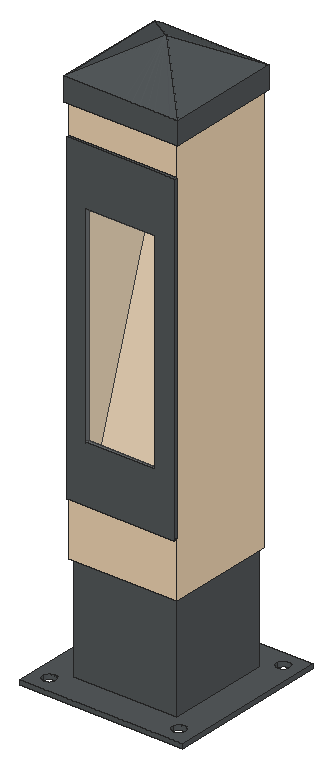
Revit family "Баум", category Осветительные приборы, Revit 2019 (continued)
Types (3, lengths in mm): name | Файл фотометрической сетки | built-in parameter 1150105 | Lumens | built-in parameter 1150106 | built-in parameter 1150142 | Wattage | h_столб низ | h_столб верх | ADSK_Фактическая мощность | ADSK_Размер_Высота | ADSK_Номинальная мощность | ADSK_Наименование | ADSK_Масса_Текст | ADSK_Масса | ADSK_Артикул
    .4 0.4 0.4\r\n 0.4 0.4 0.4 0.4 0.4 0.4 0.4 0.4 0.4 0.4 0.4 0.4 0.4 0.4 0.4 0.4 0.4 0.4 0.4 0.4 0.4 0.4 0.4 0.4 0.4 0.4 0.4 0.4 0.4 0.4 0.4 0.4\r\n 0.4 0.4 0.4 0.4 0.4 0.4 0.4 0.4 0.4 0.4 0.4 0.4 0.4 0.4 0.4 0.4 0.4 0.4 0.4 0.4 0.4 0.4 0.4 0.4 0.4 0.4 0.4 0.4 0.4 0.4 0.4 0.4\r\n 0.4 0.4 0.4 0.4 0.4 0.4 0.4 0.4 0.4 0.4 0.4 0.4 0.4 0.4 0.4 0.4 0.4 0.4 0.4 0.4 0.4 0.4 0.4 0.4 0.4 0.4 0.4 0.4 0.4 0.4 0.4 0.4\r\n 0.4 0.4 0.4 0.4 0.4 0.4 0.4 0.4 0.4 0.4 0.4 0.2 0.2 0.2 0.0 0.0 0.0 0.0 0.0 0.0 0.0\r\n0.0 0.0 0.2 0.2 0.2 0.2 0.2 0.2 0.4 0.4 0.4 0.4 0.4 0.4 0.4 0.4 0.4 0.4 0.4 0.4 0.4 0.4 0.4 0.4 0.4 0.4 0.4 0.4 0.4 0.4 0.4 0.4\r\n 0.4 0.4 0.4 0.4 0.4 0.4 0.4 0.4 0.6 0.6 0.4 0.4 0.4 0.4 0.4 0.4 0.4 0.4 0.4 0.4 0.4 0.4 0.4 0.4 0.4 0.4 0.4 0.4 0.4 0.4 0.4 0.4\r\n 0.4 0.4 0.4 0.4 0.4 0.4 0.4 0.4 0.4 0.4 0.4 0.4 0.4 0.4 0.4 0.4 0.4 0.4 0.4 0.4 0.4 0.4 0.4 0.4 0.4 0.4 0.4 0.4 0.4 0.4 0.4 0.4\r\n 0.4 0.4 0.4 0.4 0.4 0.4 0.4 0.4 0.4 0.4 0.4 0.4 0.4 0.4 0.4 0.4 0.4 0.4 0.4 0.4 0.4 0.4 0.4 0.4 0.4 0.4 0.4 0.4 0.4 0.4 0.4 0.4\r\n 0.4 0.4 0.4 0.4 0.4 0.4 0.4 0.4 0.4 0.4 0.4 0.4 0.4 0.4 0.4 0.4 0.4 0.4 0.4 0.4 0.4 0.4 0.4 0.4 0.4 0.4 0.4 0.4 0.4 0.4 0.4 0.4\r\n 0.4 0.4 0.4 0.4 0.4 0.4 0.4 0.4 0.4 0.4 0.4 0.2 0.2 0.2 0.0 0.0 0.0 0.0 0.0 0.0 0.0\r\n0.0 0.0 0.2 0.2 0.2 0.2 0.2 0.2 0.4 0.4 0.4 0.4 0.4 0.4 0.4 0.4 0.4 0.4 0.4 0.4 0.4 0.4 0.4 0.4 0.4 0.4 0.4 0.4 0.4 0.4 0.4 0.4\r\n 0.4 0.4 0.4 0.4 0.4 0.4 0.4 0.4 0.4 0.4 0.4 0.4 0.4 0.4 0.4 0.4 0.4 0.4 0.4 0.4 0.4 0.4 0.4 0.4 0.4 0.4 0.4 0.4 0.4 0.4 0.4 0.4\r\n 0.4 0.4 0.4 0.4 0.4 0.4 0.4 0.4 0.4 0.4 0.4 0.4 0.4 0.4 0.4 0.4 0.4 0.4 0.4 0.4 0.4 0.4 0.4 0.4 0.4 0.4 0.4 0.4 0.4 0.4 0.4 0.4\r\n 0.4 0.4 0.4 0.4 0.4 0.4 0.4 0.4 0.4 0.4 0.4 0.4 0.4 0.4 0.4 0.4 0.4 0.4 0.4 0.4 0.4 0.4 0.4 0.4 0.4 0.4 0.4 0.4 0.4 0.4 0.4 0.4\r\n 0.4 0.4 0.4 0.4 0.4 0.4 0.4 0.4 0.4 0.4 0.4 0.4 0.4 0.4 0.4 0.4 0.4 0.4 0.4 0.4 0.4 0.4 0.4 0.4 0.4 0.4 0.4 0.4 0.4 0.4 0.4 0.4\r\n 0.4 0.4 0.4 0.4 0.4 0.4 0.4 0.4 0.4 0.4 0.4 0.2 0.2 0.2 0.0 0.0 0.0 0.0 0.0 0.0 0.0\r\n0.0 0.0 0.2 0.2 0.2 0.2 0.2 0.2 0.4 0.4 0.4 0.4 0.4 0.4 0.4 0.4 0.4 0.4 0.4 0.4 0.4 0.4 0.4 0.4 0.4 0.4 0.4 0.4 0.4 0.4 0.4 0.4\r\n 0.4 0.4 0.4 0.4 0.4 0.4 0.4 0.4 0.4 0.4 0.4 0.4 0.4 0.4 0.4 0.4 0.4 0.4 0.4 0.4 0.4 0.4 0.4 0.4 0.4 0.4 0.4 0.4 0.4 0.4 0.4 0.4\r\n 0.4 0.4 0.4 0.4 0.4 0.4 0.4 0.4 0.4 0.4 0.4 0.4 0.4 0.4 0.4 0.4 0.4 0.4 0.4 0.4 0.4 0.4 0.4 0.4 0.4 0.4 0.4 0.4 0.4 0.4 0.4 0.4\r\n 0.4 0.4 0.4 0.4 0.4 0.4 0.4 0.4 0.4 0.4 0.4 0.4 0.4 0.4 0.4 0.4 0.4 0.4 0.4 0.4 0.4 0.4 0.4 0.4 0.4 0.4 0.4 0.4 0.4 0.4 0.4 0.4\r\n 0.4 0.4 0.4 0.4 0.4 0.4 0.4 0.4 0.4 0.4 0.4 0.4 0.4 0.4 0.4 0.4 0.4 0.4 0.4 0.4 0.4 0.4 0.4 0.4 0.4 0.4 0.4 0.4 0.4 0.4 0.4 0.4\r\n 0.4 0.4 0.4 0.4 0.4 0.4 0.4 0.4 0.4 0.4 0.4 0.2 0.2 0.2 0.0 0.0 0.0 0.0 0.0 0.0 0.0\r\n0.0 0.0 0.2 0.2 0.2 0.2 0.2 0.2 0.4 0.4 0.4 0.4 0.4 0.4 0.4 0.4 0.4 0.4 0.4 0.4 0.4 0.4 0.4 0.4 0.4 0.4 0.4 0.4 0.4 0.4 0.4 0.4\r\n 0.4 0.4 0.4 0.4 0.4 0.4 0.4 0.4 0.4 0.4 0.4 0.4 0.4 0.4 0.4 0.4 0.4 0.4 0.4 0.4 0.4 0.4 0.4 0.4 0.4 0.4 0.4 0.4 0.4 0.4 0.4 0.4\r\n 0.4 0.4 0.4 0.4 0.4 0.4 0.4 0.4 0.4 0.4 0.4 0.4 0.4 0.4 0.4 0.4 0.4 0.4 0.4 0.4 0.4 0.4 0.4 0.4 0.4 0.4 0.4 0.4 0.4 0.4 0.4 0.4\r\n 0.4 0.4 0.4 0.4 0.4 0.4 0.4 0.4 0.4 0.4 0.4 0.4 0.4 0.4 0.4 0.4 0.4 0.4 0.4 0.4 0.4 0.4 0.4 0.4 0.4 0.4 0.4 0.4 0.4 0.4 0.4 0.4\r\n 0.4 0.4 0.4 0.4 0.4 0.4 0.4 0.4 0.4 0.4 0.4 0.4 0.4 0.4 0.4 0.4 0.4 0.4 0.4 0.4 0.4 0.4 0.4 0.4 0.4 0.4 0.4 0.4 0.4 0.4 0.4 0.4\r\n 0.4 0.4 0.4 0.4 0.4 0.4 0.4 0.4 0.4 0.4 0.4 0.2 0.2 0.2 0.0 0.0 0.0 0.0 0.0 0.0 0.0\r\n0.0 0.0 0.2 0.2 0.2 0.2 0.2 0.2 0.4 0.4 0.4 0.4 0.4 0.4 0.4 0.4 0.4 0.4 0.4 0.4 0.4 0.4 0.4 0.4 0.4 0.4 0.4 0.4 0.4 0.4 0.4 0.4\r\n 0.4 0.4 0.4 0.4 0.4 0.4 0.4 0.4 0.4 0.4 0.4 0.4 0.4 0.4 0.4 0.4 0.4 0.4 0.4 0.4 0.4 0.4 0.4 0.4 0.4 0.4 0.4 0.4 0.4 0.4 0.4 0.4\r\n 0.4 0.4 0.4 0.4 0.4 0.4 0.4 0.4 0.4 0.4 0.4 0.4 0.4 0.4 0.4 0.4 0.4 0.4 0.4 0.4 0.4 0.4 0.4 0.4 0.4 0.4 0.4 0.4 0.4 0.4 0.4 0.4\r\n 0.4 0.4 0.4 0.4 0.4 0.4 0.4 0.4 0.4 0.4 0.4 0.4 0.4 0.4 0.4 0.4 0.4 0.4 0.4 0.4 0.4 0.4 0.4 0.4 0.4 0.4 0.4 0.4 0.4 0.4 0.4 0.4\r\n 0.4 0.4 0.4 0.4 0.4 0.4 0.4 0.4 0.4 0.4 0.4 0.4 0.4 0.4 0.4 0.4 0.4 0.4 0.4 0.4 0.4 0.4 0.4 0.4 0.4 0.4 0.4 0.4 0.4 0.4 0.4 0.4\r\n 0.4 0.4 0.4 0.4 0.4 0.4 0.4 0.4 0.4 0.4 0.4 0.2 0.2 0.2 0.0 0.0 0.0 0.0 0.0 0.0 0.0\r\n0.0 0.0 0.2 0.2 0.2 0.2 0.2 0.2 0.4 0.4 0.4 0.4 0.4 0.4 0.4 0.4 0.4 0.4 0.4 0.4 0.4 0.4 0.4 0.4 0.4 0.4 0.4 0.4 0.4 0.4 0.4 0.4\r\n 0.4 0.4 0.4 0.4 0.4 0.4 0.4 0.4 0.4 0.4 0.4 0.4 0.4 0.4 0.4 0.4 0.4 0.4 0.4 0.4 0.4 0.4 0.4 0.4 0.4 0.4 0.4 0.4 0.4 0.4 0.4 0.4\r\n 0.4 0.4 0.4 0.4 0.4 0.4 0.4 0.4 0.4 0.4 0.4 0.4 0.4 0.4 0.6 0.4 0.4 0.4 0.4 0.4 0.4 0.4 0.4 0.4 0.4 0.4 0.4 0.4 0.4 0.4 0.4 0.4\r\n 0.4 0.4 0.4 0.4 0.4 0.4 0.4 0.4 0.4 0.4 0.4 0.4 0.4 0.4 0.4 0.4 0.4 0.4 0.4 0.4 0.4 0.4 0.4 0.4 0.4 0.4 0.4 0.4 0.4 0.4 0.4 0.4\r\n 0.4 0.4 0.4 0.4 0.4 0.4 0.4 0.4 0.4 0.4 0.4 0.4 0.4 0.4 0.4 0.4 0.4 0.4 0.4 0.4 0.4 0.4 0.4 0.4 0.4 0.4 0.4 0.4 0.4 0.4 0.4 0.4\r\n 0.4 0.4 0.4 0.4 0.4 0.4 0.4 0.4 0.4 0.4 0.4 0.2 0.2 0.2 0.0 0.0 0.0 0.0 0.0 0.0 0.0\r\n0.0 0.0 0.2 0.2 0.2 0.2 0.2 0.2 0.4 0.4 0.4 0.4 0.4 0.4 0.4 0.4 0.4 0.4 0.4 0.4 0.4 0.4 0.4 0.4 0.4 0.4 0.4 0.4 0.4 0.4 0.4 0.4\r\n 0.4 0.4 0.4 0.4 0.4 0.4 0.4 0.4 0.4 0.4 0.4 0.4 0.4 0.4 0.4 0.4 0.4 0.4 0.4 0.4 0.4 0.4 0.4 0.4 0.4 0.4 0.4 0.4 0.4 0.4 0.4 0.4\r\n 0.4 0.4 0.4 0.4 0.4 0.4 0.4 0.4 0.4 0.4 0.4 0.4 0.4 0.4 0.4 0.4 0.4 0.4 0.4 0.4 0.4 0.4 0.4 0.4 0.4 0.4 0.4 0.4 0.4 0.4 0.4 0.4\r\n 0.4 0.4 0.4 0.4 0.4 0.4 0.4 0.4 0.4 0.4 0.4 0.4 0.4 0.4 0.4 0.4 0.4 0.4 0.4 0.4 0.4 0.4 0.4 0.4 0.4 0.4 0.4 0.4 0.4 0.4 0.4 0.4\r\n 0.4 0.4 0.4 0.4 0.4 0.4 0.4 0.4 0.4 0.4 0.4 0.4 0.4 0.4 0.4 0.4 0.4 0.4 0.4 0.4 0.4 0.4 0.4 0.4 0.4 0.4 0.4 0.4 0.4 0.4 0.4 0.4\r\n 0.4 0.4 0.4 0.4 0.4 0.4 0.4 0.4 0.4 0.4 0.4 0.2 0.2 0.2 0.0 0.0 0.0 0.0 0.0 0.0 0.0\r\n0.0 0.0 0.2 0.2 0.2 0.2 0.2 0.2 0.4 0.4 0.4 0.4 0.4 0.4 0.4 0.4 0.4 0.4 0.4 0.4 0.4 0.4 0.4 0.4 0.4 0.4 0.4 0.4 0.4 0.4 0.4 0.4\r\n 0.4 0.4 0.4 0.4 0.4 0.4 0.4 0.4 0.4 0.4 0.4 0.4 0.4 0.4 0.4 0.4 0.4 0.4 0.4 0.4 0.4 0.4 0.4 0.4 0.4 0.4 0.4 0.4 0.4 0.4 0.4 0.4\r\n 0.4 0.4 0.4 0.4 0.4 0.4 0.4 0.4 0.4 0.4 0.4 0.4 0.4 0.4 0.4 0.4 0.4 0.4 0.4 0.4 0.4 0.4 0.4 0.4 0.4 0.4 0.4 0.4 0.4 0.4 0.4 0.4\r\n 0.4 0.4 0.4 0.4 0.4 0.4 0.4 0.4 0.4 0.4 0.4 0.4 0.4 0.4 0.4 0.4 0.4 0.4 0.4 0.4 0.4 0.4 0.4 0.4 0.4 0.4 0.4 0.4 0.4 0.4 0.4 0.4\r\n 0.4 0.4 0.4 0.4 0.4 0.4 0.4 0.4 0.4 0.4 0.4 0.4 0.4 0.4 0.4 0.4 0.4 0.4 0.4 0.4 0.4 0.4 0.4 0.4 0.4 0.4 0.4 0.4 0.4 0.4 0.4 0.4\r\n 0.4 0.4 0.4 0.4 0.4 0.4 0.4 0.4 0.4 0.4 0.4 0.2 0.2 0.2 0.0 0.0 0.0 0.0 0.0 0.0 0.0\r\n0.0 0.0 0.2 0.2 0.2 0.2 0.2 0.2 0.4 0.4 0.4 0.4 0.4 0.4 0.4 0.4 0.4 0.4 0.4 0.4 0.4 0.4 0.4 0.4 0.4 0.4 0.4 0.4 0.4 0.4 0.4 0.4\r\n 0.4 0.4 0.4 0.4 0.4 0.4 0.4 0.4 0.4 0.4 0.4 0.4 0.4 0.4 0.4 0.4 0.4 0.4 0.4 0.4 0.4 0.4 0.4 0.4 0.4 0.4 0.4 0.4 0.4 0.4 0.4 0.4\r\n 0.4 0.4 0.4 0.4 0.4 0.4 0.4 0.4 0.4 0.4 0.4 0.4 0.4 0.4 0.4 0.4 0.4 0.4 0.4 0.4 0.4 0.4 0.4 0.4 0.4 0.4 0.4 0.4 0.4 0.4 0.4 0.4\r\n 0.4 0.4 0.4 0.4 0.4 0.4 0.4 0.4 0.4 0.4 0.4 0.4 0.4 0.4 0.4 0.4 0.4 0.4 0.4 0.4 0.4 0.4 0.4 0.4 0.4 0.4 0.4 0.4 0.4 0.4 0.4 0.4\r\n 0.4 0.4 0.4 0.4 0.4 0.4 0.4 0.4 0.4 0.4 0.4 0.4 0.4 0.4 0.4 0.4 0.4 0.4 0.4 0.4 0.4 0.4 0.4 0.4 0.4 0.4 0.4 0.4 0.4 0.4 0.4 0.4\r\n 0.4 0.4 0.4 0.4 0.4 0.4 0.4 0.4 0.4 0.4 0.4 0.2 0.2 0.2 0.0 0.0 0.0 0.0 0.0 0.0 0.0\r\n0.0 0.0 0.4 0.2 0.2 0.2 0.2 0.2 0.4 0.4 0.4 0.4 0.4 0.4 0.4 0.4 0.4 0.4 0.4 0.4 0.4 0.4 0.4 0.4 0.4 0.4 0.4 0.4 0.4 0.4 0.4 0.4\r\n 0.4 0.4 0.4 0.4 0.4 0.4 0.4 0.4 0.4 0.4 0.4 0.4 0.4 0.4 0.4 0.4 0.4 0.4 0.4 0.4 0.4 0.4 0.4 0.4 0.4 0.4 0.4 0.4 0.4 0.4 0.4 0.4\r\n 0.4 0.4 0.4 0.4 0.4 0.4 0.4 0.4 0.4 0.4 0.4 0.4 0.4 0.4 0.4 0.4 0.4 0.4 0.4 0.4 0.4 0.4 0.4 0.4 0.4 0.4 0.4 0.4 0.4 0.4 0.4 0.4\r\n 0.4 0.4 0.4 0.4 0.4 0.4 0.4 0.4 0.4 0.4 0.4 0.4 0.4 0.4 0.4 0.4 0.4 0.4 0.4 0.4 0.4 0.4 0.4 0.4 0.4 0.4 0.4 0.4 0.4 0.4 0.4 0.4\r\n 0.4 0.4 0.4 0.4 0.4 0.4 0.4 0.4 0.4 0.4 0.4 0.4 0.4 0.4 0.4 0.4 0.4 0.4 0.4 0.4 0.4 0.4 0.4 0.4 0.4 0.4 0.4 0.4 0.4 0.4 0.4 0.4\r\n 0.4 0.4 0.4 0.4 0.4 0.4 0.4 0.4 0.4 0.4 0.4 0.2 0.2 0.2 0.0 0.0 0.0 0.0 0.0 0.0 0.0\r\n0.0 0.0 0.4 0.2 0.2 0.2 0.2 0.2 0.4 0.4 0.4 0.4 0.4 0.4 0.4 0.4 0.4 0.4 0.4 0.4 0.4 0.4 0.4 0.4 0.4 0.4 0.4 0.4 0.4 0.4 0.4 0.4\r\n 0.4 0.4 0.4 0.4 0.4 0.4 0.4 0.4 0.4 0.4 0.4 0.4 0.4 0.4 0.4 0.4 0.4 0.4 0.4 0.4 0.4 0.4 0.4 0.4 0.4 0.4 0.4 0.4 0.4 0.4 0.4 0.4\r\n 0.4 0.6 0.6 0.6 0.6 0.6 0.6 0.6 0.6 0.4 0.4 0.4 0.4 0.4 0.4 0.4 0.4 0.4 0.4 0.4 0.4 0.4 0.4 0.4 0.4 0.4 0.4 0.4 0.4 0.4 0.4 0.4\r\n 0.4 0.4 0.4 0.4 0.4 0.4 0.4 0.4 0.4 0.4 0.4 0.4 0.4 0.4 0.4 0.4 0.4 0.4 0.4 0.4 0.4 0.4 0.4 0.4 0.4 0.4 0.4 0.4 0.4 0.4 0.4 0.4\r\n 0.4 0.4 0.4 0.4 0.4 0.4 0.4 0.4 0.4 0.4 0.4 0.4 0.4 0.4 0.4 0.4 0.4 0.4 0.4 0.4 0.4 0.4 0.4 0.4 0.4 0.4 0.4 0.4 0.4 0.4 0.4 0.4\r\n 0.4 0.4 0.4 0.4 0.4 0.4 0.4 0.4 0.4 0.4 0.4 0.2 0.2 0.2 0.0 0.0 0.0 0.0 0.0 0.0 0.0\r\n0.0 0.0 0.4 0.2 0.2 0.2 0.2 0.2 0.4 0.6 0.4 0.4 0.4 0.4 0.4 0.4 0.4 0.4 0.4 0.4 0.4 0.4 0.4 0.4 0.4 0.4 0.4 0.4 0.4 0.4 0.4 0.4\r\n 0.4 0.4 0.4 0.4 0.4 0.4 0.4 0.4 0.4 0.4 0.4 0.4 0.4 0.4 0.4 0.4 0.4 0.4 0.4 0.4 0.4 0.4 0.4 0.4 0.4 0.4 0.4 0.6 0.6 0.6 0.6 0.6\r\n 0.7 1.3 1.3 1.3 1.1 0.9 0.9 0.7 0.7 0.6 0.6 0.4 0.4 0.4 0.4 0.4 0.4 0.4 0.4 0.4 0.4 0.4 0.4 0.4 0.4 0.4 0.4 0.4 0.4 0.4 0.4 0.4\r\n 0.4 0.4 0.4 0.4 0.4 0.4 0.4 0.4 0.4 0.4 0.4 0.4 0.4 0.4 0.4 0.4 0.4 0.4 0.4 0.4 0.4 0.4 0.4 0.4 0.4 0.4 0.4 0.4 0.4 0.4 0.4 0.4\r\n 0.4 0.4 0.4 0.4 0.4 0.4 0.4 0.4 0.4 0.4 0.4 0.4 0.4 0.4 0.4 0.4 0.4 0.4 0.4 0.4 0.4 0.4 0.4 0.4 0.4 0.4 0.4 0.4 0.4 0.4 0.4 0.4\r\n 0.4 0.4 0.4 0.4 0.4 0.4 0.4 0.4 0.4 0.4 0.4 0.4 0.2 0.2 0.0 0.0 0.0 0.0 0.0 0.0 0.0\r\n0.0 0.0 0.4 0.2 0.4 0.2 0.2 0.2 0.4 0.6 0.4 0.4 0.4 0.4 0.4 0.4 0.4 0.4 0.4 0.4 0.4 0.4 0.4 0.4 0.4 0.4 0.4 0.4 0.4 0.4 0.4 0.4\r\n 0.4 0.4 0.4 0.4 0.4 0.4 0.6 1.6 2.2 2.2 1.8 1.6 1.5 1.3 1.1 0.9 0.7 0.7 0.7 0.7 0.7 0.7 0.9 1.1 0.9 0.9 1.1 1.5 1.6 1.8 2.2 1.8\r\n 1.3 1.8 2.4 2.6 2.2 1.8 1.5 1.3 1.1 0.9 0.7 0.7 0.6 0.6 0.6 0.4 0.4 0.4 0.4 0.4 0.4 0.4 0.4 0.4 0.4 0.4 0.4 0.4 0.4 0.4 0.4 0.4\r\n 0.4 0.4 0.4 0.4 0.4 0.4 0.4 0.4 0.4 0.4 0.4 0.4 0.4 0.4 0.4 0.4 0.4 0.4 0.4 0.4 0.4 0.4 0.4 0.4 0.4 0.4 0.4 0.4 0.4 0.4 0.4 0.4\r\n 0.4 0.4 0.4 0.4 0.4 0.4 0.4 0.4 0.4 0.4 0.4 0.4 0.4 0.4 0.4 0.4 0.4 0.4 0.4 0.4 0.4 0.4 0.4 0.4 0.4 0.4 0.4 0.4 0.4 0.4 0.4 0.4\r\n 0.4 0.4 0.4 0.4 0.4 0.4 0.4 0.4 0.4 0.4 0.4 0.4 0.2 0.2 0.0 0.0 0.0 0.0 0.0 0.0 0.0\r\n0.0 0.0 0.4 0.2 0.4 0.2 0.2 0.2 0.4 0.6 0.4 0.4 0.4 0.4 0.4 0.4 0.4 0.4 0.4 0.4 0.4 0.4 0.4 0.4 0.4 0.4 0.4 0.4 0.4 0.4 0.4 0.4\r\n 0.6 1.3 1.3 1.6 4.6 4.6 8.4 32.5 51.9 59.1 58.5 60.4 56.9 51.9 47.7 43.5 39.6 35.2 30.3 26.2 23.1 20.9 18.9 16.9 16.0 15.6 16.1\r\n 17.4 17.4 18.2 18.2 17.6 18.7 19.3 19.1 20.0 19.6 18.9 19.3 18.3 17.6 17.6 16.1 14.7 14.3 13.0 11.9 11.2 7.3 2.6 0.9 0.4 0.4 0.4\r\n 0.4 0.4 0.4 0.4 0.4 0.4 0.4 0.4 0.4 0.4 0.4 0.4 0.4 0.4 0.4 0.4 0.4 0.4 0.4 0.4 0.4 0.4 0.4 0.4 0.4 0.4 0.4 0.4 0.4 0.4 0.4 0.4\r\n 0.4 0.4 0.4 0.4 0.4 0.4 0.4 0.4 0.4 0.4 0.4 0.4 0.4 0.4 0.4 0.4 0.4 0.4 0.4 0.4 0.4 0.4 0.4 0.4 0.4 0.4 0.4 0.4 0.4 0.4 0.4 0.4\r\n 0.4 0.4 0.4 0.4 0.4 0.4 0.4 0.4 0.4 0.4 0.4 0.4 0.4 0.4 0.4 0.4 0.4 0.4 0.4 0.4 0.4 0.4 0.2 0.2 0.0 0.0 0.0 0.0 0.0 0.0 0.0\r\n0.0 0.0 0.4 0.2 0.4 0.2 0.2 0.2 0.4 0.6 0.4 0.4 0.4 0.4 0.4 0.4 0.4 0.4 0.4 0.4 0.4 0.4 0.4 0.4 0.4 0.4 0.4 0.4 0.4 0.4 1.1 2.4\r\n 4.6 13.4 18.0 25.1 54.1 85.7 100.2 108.6 116.2 120.2 126.4 131.2 135.8 133.2 129.6 123.7 119.8 117.6 114.0 113.0 111.4 109.7\r\n 108.6 107.9 105.7 103.5 101.7 98.9 95.6 93.4 90.8 86.6 81.8 78.2 76.5 73.6 70.3 68.3 65.3 61.3 56.5 52.1 48.4 44.2 41.7 37.8 32.3\r\n 22.6 12.8 7.2 4.6 2.6 1.3 0.6 0.4 0.4 0.4 0.4 0.4 0.4 0.4 0.4 0.4 0.4 0.4 0.4 0.4 0.4 0.4 0.4 0.4 0.4 0.4 0.4 0.4 0.4 0.4 0.4 0.4\r\n 0.4 0.4 0.4 0.4 0.4 0.4 0.4 0.4 0.4 0.4 0.4 0.4 0.4 0.4 0.4 0.4 0.4 0.4 0.4 0.4 0.4 0.4 0.4 0.4 0.4 0.4 0.4 0.4 0.4 0.4 0.4 0.4\r\n 0.4 0.4 0.4 0.4 0.4 0.4 0.4 0.4 0.4 0.4 0.4 0.4 0.4 0.4 0.4 0.4 0.4 0.4 0.4 0.4 0.4 0.4 0.4 0.4 0.4 0.4 0.4 0.4 0.4 0.2 0.2 0.0\r\n 0.0 0.0 0.0 0.0 0.0 0.0\r\n0.0 0.0 0.4 0.2 0.4 0.2 0.2 0.2 0.4 0.6 0.4 0.4 0.4 0.4 0.4 0.4 0.4 0.4 0.4 0.4 0.4 0.4 0.4 0.4 0.4 0.4 0.4 0.6 2.0 5.5 11.9 25.3\r\n 34.3 52.7 94.5 118.4 134.3 150.5 165.5 174.2 184.1 192.7 200.4 208.7 206.1 206.5 201.3 195.4 191.4 187.7 184.1 179.1 175.4 174.0\r\n 171.8 167.4 166.3 162.8 158.0 154.5 152.3 148.6 143.9 139.7 134.9 129.7 125.9 121.1 117.3 112.5 106.1 98.9 92.5 85.7 80.7 75.4\r\n 68.8 56.3 42.2 31.6 23.9 17.2 12.3 8.6 5.5 3.1 1.5 0.6 0.4 0.4 0.4 0.4 0.4 0.4 0.4 0.4 0.4 0.4 0.4 0.4 0.4 0.4 0.4 0.4 0.4 0.4\r\n 0.4 0.4 0.4 0.4 0.4 0.4 0.4 0.4 0.4 0.4 0.4 0.4 0.4 0.4 0.4 0.4 0.4 0.4 0.4 0.4 0.4 0.4 0.4 0.4 0.4 0.4 0.4 0.4 0.4 0.4 0.4 0.4\r\n 0.4 0.4 0.4 0.4 0.4 0.4 0.4 0.4 0.4 0.4 0.4 0.4 0.4 0.4 0.4 0.4 0.4 0.4 0.4 0.4 0.4 0.4 0.4 0.4 0.4 0.4 0.4 0.4 0.4 0.4 0.4 0.4\r\n 0.4 0.4 0.2 0.2 0.0 0.0 0.0 0.0 0.0 0.0 0.0\r\n0.0 0.0 0.4 0.2 0.4 0.2 0.2 0.2 0.4 0.6 0.4 0.4 0.4 0.4 0.4 0.4 0.4 0.4 0.4 0.4 0.4 0.4 0.4 0.4 0.6 0.9 1.6 8.1 18.9 44.6 63.7\r\n 90.8 118.2 137.6 153.8 169.8 185.7 202.6 225.4 236.0 257.8 286.1 287.0 303.2 315.8 310.0 308.3 307.4 305.4 300.8 300.4 298.2\r\n 296.6 291.8 287.9 283.7 276.6 270.1 264.1 256.6 248.1 239.1 231.8 223.7 213.8 205.7 198.2 191.4 182.6 174.3 165.3 156.5 147.7\r\n 137.6 127.5 114.1 96.3 79.5 65.3 54.7 45.1 36.5 29.2 21.3 15.0 9.5 6.1 1.3 0.4 0.4 0.4 0.4 0.4 0.4 0.4 0.4 0.4 0.4 0.4 0.4 0.4\r\n 0.4 0.4 0.4 0.4 0.4 0.4 0.4 0.4 0.4 0.4 0.4 0.4 0.4 0.4 0.4 0.4 0.4 0.4 0.4 0.4 0.4 0.4 0.4 0.4 0.4 0.4 0.4 0.4 0.4 0.4 0.4 0.4\r\n 0.4 0.4 0.4 0.4 0.4 0.4 0.4 0.4 0.4 0.4 0.4 0.4 0.4 0.4 0.4 0.4 0.4 0.4 0.4 0.4 0.4 0.4 0.4 0.4 0.4 0.4 0.4 0.4 0.4 0.4 0.4 0.4\r\n 0.4 0.4 0.4 0.4 0.4 0.4 0.2 0.2 0.2 0.0 0.0 0.0 0.0 0.0 0.0 0.0\r\n0.0 0.0 0.4 0.2 0.4 0.2 0.2 0.4 0.4 0.6 0.4 0.4 0.4 0.4 0.4 0.4 0.4 0.4 0.4 0.4 0.4 0.4 0.6 0.7 3.1 8.1 20.4 55.4 75.4 97.1 123.5\r\n 149.6 171.6 183.7 201.3 231.2 254.0 277.7 309.0 334.2 361.3 390.9 397.9 391.8 388.0 386.1 376.4 371.1 365.6 361.7 354.6 347.8\r\n 341.7 336.4 332.0 327.2 321.2 313.3 307.4 299.5 290.9 285.4 278.6 270.1 262.1 253.6 246.3 237.3 227.9 217.8 209.0 199.7 189.0\r\n 174.7 152.3 130.3 114.9 99.8 89.0 76.7 66.2 55.4 46.2 36.5 26.1 17.6 11.0 2.4 0.6 0.4 0.4 0.4 0.4 0.4 0.4 0.4 0.4 0.4 0.4 0.4 0.4\r\n 0.4 0.4 0.4 0.4 0.4 0.4 0.4 0.4 0.4 0.4 0.4 0.4 0.4 0.4 0.4 0.4 0.4 0.4 0.4 0.4 0.4 0.4 0.4 0.4 0.4 0.4 0.4 0.4 0.4 0.4 0.4 0.4\r\n 0.4 0.4 0.4 0.4 0.4 0.4 0.4 0.4 0.4 0.4 0.4 0.4 0.4 0.4 0.4 0.4 0.4 0.4 0.4 0.4 0.4 0.4 0.4 0.4 0.4 0.4 0.4 0.4 0.4 0.4 0.4 0.4\r\n 0.4 0.4 0.4 0.4 0.4 0.4 0.2 0.2 0.2 0.0 0.0 0.0 0.0 0.0 0.0 0.0\r\n0.0 0.0 0.4 0.2 0.4 0.2 0.2 0.4 0.4 0.6 0.4 0.4 0.4 0.4 0.4 0.4 0.4 0.4 0.4 0.4 0.4 0.6 3.1 9.2 22.9 43.1 89.0 117.6 136.5 159.7\r\n 178.6 197.3 211.4 239.3 268.1 292.5 329.6 354.6 387.4 408.3 414.6 412.4 407.0 403.7 399.0 389.8 390.2 384.3 379.5 376.0 368.3\r\n 364.5 359.9 352.2 347.4 338.8 330.7 327.4 318.0 308.1 300.6 296.0 286.8 277.7 270.9 262.6 252.9 243.3 234.7 226.8 218.0 206.1\r\n 187.0 163.0 140.9 124.4 111.2 98.9 86.8 74.7 65.3 53.0 45.1 33.6 23.1 15.4 6.1 1.1 0.4 0.4 0.4 0.4 0.4 0.4 0.4 0.4 0.4 0.4 0.4\r\n 0.4 0.4 0.4 0.4 0.4 0.4 0.4 0.4 0.4 0.4 0.4 0.4 0.4 0.4 0.4 0.4 0.4 0.4 0.4 0.4 0.4 0.4 0.4 0.4 0.4 0.4 0.4 0.4 0.4 0.4 0.4 0.4\r\n 0.4 0.4 0.4 0.4 0.4 0.4 0.4 0.4 0.4 0.4 0.4 0.4 0.4 0.4 0.4 0.4 0.4 0.4 0.4 0.4 0.4 0.4 0.4 0.4 0.4 0.4 0.4 0.4 0.4 0.4 0.4 0.4\r\n 0.4 0.4 0.4 0.4 0.4 0.4 0.4 0.4 0.2 0.2 0.2 0.0 0.0 0.0 0.0 0.0 0.0 0.0\r\n0.0 0.0 0.4 0.4 0.4 0.2 0.2 0.4 0.4 0.6 0.4 0.4 0.4 0.4 0.4 0.4 0.4 0.4 0.4 0.6 1.1 5.0 18.3 53.0 93.6 127.0 150.7 167.2 189.9\r\n 207.6 234.2 263.0 290.9 318.0 360.4 394.6 423.9 441.2 441.0 438.8 434.9 431.4 428.5 425.9 420.1 416.8 410.9 404.5 402.1 392.9\r\n 389.6 381.4 375.1 370.3 363.4 355.7 351.3 342.4 331.3 323.4 317.9 308.3 299.1 294.5 287.6 276.9 267.8 258.6 250.0 239.3 224.6\r\n 202.4 178.0 157.5 143.5 126.4 115.6 100.9 88.6 78.2 66.6 56.7 45.5 33.6 24.4 16.0 6.1 1.1 0.4 0.4 0.4 0.4 0.4 0.4 0.4 0.4 0.4 0.4\r\n 0.4 0.4 0.4 0.4 0.4 0.4 0.4 0.4 0.4 0.4 0.4 0.4 0.4 0.4 0.4 0.4 0.4 0.4 0.4 0.4 0.4 0.4 0.4 0.4 0.4 0.4 0.4 0.4 0.4 0.4 0.4 0.4\r\n 0.4 0.4 0.4 0.4 0.4 0.4 0.4 0.4 0.4 0.4 0.4 0.4 0.4 0.4 0.4 0.4 0.4 0.4 0.4 0.4 0.4 0.4 0.4 0.4 0.4 0.4 0.4 0.4 0.4 0.4 0.4 0.4\r\n 0.4 0.4 0.4 0.4 0.4 0.4 0.4 0.4 0.4 0.2 0.2 0.2 0.0 0.0 0.0 0.0 0.0 0.0 0.0\r\n0.0 0.0 0.4 0.4 0.4 0.2 0.2 0.4 0.4 0.6 0.4 0.4 0.4 0.4 0.4 0.4 0.4 0.4 0.6 2.0 9.0 39.5 72.9 139.3 187.2 222.4 253.4 281.3 303.9\r\n 329.0 360.4 384.3 425.2 452.7 4
